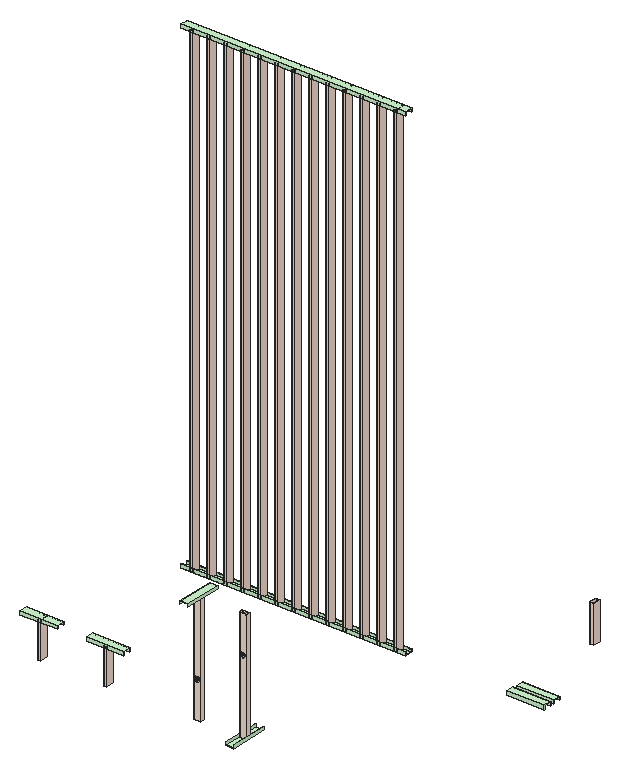
Revit family "SQ-WALL2500工法（ソリーダ）", category 機械設備, Revit 2020
Family settings
  丸型コネクタ寸法 = 直径を使用
  種別 = なし
  パーツ タイプ = 標準
  作業面ベース = いいえ
  常に垂直 = はい
  ロード時にボイドで切り取り = いいえ
  共有 = いいえ
  部屋計算ポイント = いいえ
Parameters
  製造元 = "株式会社桐井製作所"
  既定の高さ = 0 mm
  URL = "https://www.kirii.co.jp/"
  K_名称 = "SQ-WALL2500工法（ソリーダ）"
  K_バージョン情報 = "240321"
Reference planes
  plane 1 "中心(正面/背面)": y = 0
  plane 2: z = 0
  plane 3 "中心(左/右)": x = 0
  plane 4: z = 19
Lines and regions (mm)
  model lines
    curve 1: line (3467.807, 3284.555, 0) -> (5217.807, 3284.555, 0)
    curve 2: line (5217.807, 2254.555, 0) -> (3467.807, 2254.555, 0)
    curve 3: line (3467.807, 3284.555, 0) -> (3467.807, 2254.555, 0)
    curve 4: line (3467.807, 2054.555, 0) -> (5217.807, 2054.555, 0)
    curve 5: line (5217.807, 1024.555, 0) -> (3467.807, 1024.555, 0)
    curve 6: line (3467.807, 2054.555, 0) -> (3467.807, 1024.555, 0)
    curve 7: line (5217.807, 2054.555, 0) -> (5217.807, 1024.555, 0)
    curve 8: line (5217.807, 3284.555, 0) -> (5217.807, 2254.555, 0)
    curve 9: line (-432.193, -425.445, 0) -> (1307.807, -425.445, 0)
    curve 10: line (1307.807, -1455.445, 0) -> (-432.193, -1455.445, 0)
    curve 11: line (-432.193, -425.445, 0) -> (-432.193, -1455.445, 0)
    curve 12: line (5417.807, 3284.555, 0) -> (7167.807, 3284.555, 0)
    curve 13: line (7167.807, 2254.555, 0) -> (5417.807, 2254.555, 0)
    curve 14: line (5417.807, 3284.555, 0) -> (5417.807, 2254.555, 0)
    curve 15: line (7167.807, 3284.555, 0) -> (7167.807, 2254.555, 0)
    curve 16: line (5417.807, 2054.555, 0) -> (7167.807, 2054.555, 0)
    curve 17: line (7167.807, 1024.555, 0) -> (5417.807, 1024.555, 0)
    curve 18: line (5417.807, 2054.555, 0) -> (5417.807, 1024.555, 0)
    curve 19: line (7167.807, 2054.555, 0) -> (7167.807, 1024.555, 0)
    curve 20: line (1517.807, -425.445, 0) -> (3257.807, -425.445, 0)
    curve 21: line (3257.807, -1455.445, 0) -> (1517.807, -1455.445, 0)
    curve 22: line (3257.807, -425.445, 0) -> (3257.807, -1455.445, 0)
    curve 23: line (1307.807, -425.445, 0) -> (1307.807, -1455.445, 0)
    curve 24: line (1517.807, -425.445, 0) -> (1517.807, -1455.445, 0)
Text (mm)
  text "SQ-WALL2500工法(ソリーダ）\n※倉庫業法に規定されている2500N/㎡に対応した工法です。\n壁高さに応じてスタッド配置間隔が異なりますので、適切な仕様の選定をお願いします。\n（壁高さ6500mm以下の場合は227.5mm以下、壁高さ6500mmを超え7500mm以下の場合は182mm以下とする）" at (-488.376, 3497.466, 0), in view "{3D}"
  text "SQ-BAR" at (3607.293, 3147.828, 0), in view "{3D}"
  text "・SQ-BAR45100(1.2)" at (3707.619, 2965.328, 0), in view "{3D}"
  text "施工規定については、施工要領書をご確認下さい。\n●URL：SQ-WALL2500工法(ソリーダ)\nhttps://www.kirii.co.jp/download/dw/sekou/sekou_sq-wall2500.pdf" at (5357.293, -1592.172, 0), in view "{3D}"
  text "高耐力ランナー" at (3607.293, 1917.828, 0), in view "{3D}"
  text "・-105×40×2.3" at (3707.619, 1735.328, 0), in view "{3D}"
  text "・-105×50×2.3" at (3707.619, 1582.828, 0), in view "{3D}"
  text "アンカー(ご参考)" at (5557.293, 1917.828, 0), in view "{3D}"
  text "・タップスター(8×50以上)" at (5657.619, 1735.328, 0), in view "{3D}"
  text "セルフドリリングビス(ご参考)" at (5557.293, 3147.828, 0), in view "{3D}"
  text "・MBテクス　Wリード(WLR：3.5×25mm以上)" at (5657.619, 2965.328, 0), in view "{3D}"
  text "突出長さ10mm以上になるようご選定ください。" at (5457.896, 2364.62, 0), in view "{3D}"
  text "壁高さ6.5mまでは許容せん断耐力5550N以上、6.5m以上は6400N以上のものを使用し、\n打込み間隔455mm以下にて固定して下さい。" at (5457.896, 1209.62, 0), in view "{3D}"
  text "スタッドの切断" at (-292.707, -562.172, 0), in view "{3D}"
  text "スタッドは、上部ランナーとの隙間が10mm以下となるように切断する。\n※ランナーサイズが［-105×50×2.3のものを使用する際は隙間を15mm以上～20mm以下\nとなるように切断する。" at (-392.104, -1205.38, 0), in view "{3D}"
  text "スタッドの配線用貫通孔" at (1657.293, -562.172, 0), in view "{3D}"
  text "スタッドには壁内配線用の貫通孔をスタッドの上下端部から1000mm以内に各一か所ずつ\n開けることができる。現場で加工を行う際は、直径36mm以下とし、ヘリ秋寸法を30mm\n以上確保する。" at (1557.896, -1205.38, 0), in view "{3D}"
  text "ランナーが［-105×40×2.3の場合" at (-312.759, -1034.28, 0), in view "{3D}"
  text "ランナーが［-105×50×2.3の場合" at (572.241, -1034.28, 0), in view "{3D}"
Dimensions and locks
  aligned and locked: level to plane 2
Nested families
  nested 1: "高耐力ランナー105×40×2.3" at (-82.193, 1529.555, 0), type "高耐力ランナー105×40×2.3"
    with K_長さ(mm) 3000 mm
  nested 2: "SQ-BAR45100(1.2)" at (1440.307, 1527.099, 0) x (0, 1, 0) z (0, 0, 1), type "SQ-BAR45100(1.2)"
    with K_長さ(mm) 6500 mm
  nested 3: "SQ-BAR45100(1.2)" at (1212.807, 1527.099, 0) x (0, 1, 0) z (0, 0, 1), type "SQ-BAR45100(1.2)"
    with K_長さ(mm) 6500 mm
  nested 4: "SQ-BAR45100(1.2)" at (985.307, 1527.099, 0) x (0, 1, 0) z (0, 0, 1), type "SQ-BAR45100(1.2)"
    with K_長さ(mm) 6500 mm
  nested 5: "SQ-BAR45100(1.2)" at (757.807, 1527.099, 0) x (0, 1, 0) z (0, 0, 1), type "SQ-BAR45100(1.2)"
    with K_長さ(mm) 6500 mm
  nested 6: "SQ-BAR45100(1.2)" at (530.307, 1527.099, 0) x (0, 1, 0) z (0, 0, 1), type "SQ-BAR45100(1.2)"
    with K_長さ(mm) 6500 mm
  nested 7: "SQ-BAR45100(1.2)" at (302.807, 1527.099, 0) x (0, 1, 0) z (0, 0, 1), type "SQ-BAR45100(1.2)"
    with K_長さ(mm) 6500 mm
  nested 8: "SQ-BAR45100(1.2)" at (75.307, 1527.099, 0) x (0, 1, 0) z (0, 0, 1), type "SQ-BAR45100(1.2)"
    with K_長さ(mm) 6500 mm
  nested 9: "SQ-BAR45100(1.2)" at (2805.307, 1527.099, 0) x (0, 1, 0) z (0, 0, 1), type "SQ-BAR45100(1.2)"
    with K_長さ(mm) 6500 mm
  nested 10: "SQ-BAR45100(1.2)" at (2577.807, 1527.099, 0) x (0, 1, 0) z (0, 0, 1), type "SQ-BAR45100(1.2)"
    with K_長さ(mm) 6500 mm
  nested 11: "SQ-BAR45100(1.2)" at (2350.307, 1527.099, 0) x (0, 1, 0) z (0, 0, 1), type "SQ-BAR45100(1.2)"
    with K_長さ(mm) 6500 mm
  nested 12: "SQ-BAR45100(1.2)" at (2122.807, 1527.099, 0) x (0, 1, 0) z (0, 0, 1), type "SQ-BAR45100(1.2)"
    with K_長さ(mm) 6500 mm
  nested 13: "SQ-BAR45100(1.2)" at (1895.307, 1527.099, 0) x (0, 1, 0) z (0, 0, 1), type "SQ-BAR45100(1.2)"
    with K_長さ(mm) 6500 mm
  nested 14: "SQ-BAR45100(1.2)" at (1667.807, 1527.099, 0) x (0, 1, 0) z (0, 0, 1), type "SQ-BAR45100(1.2)"
    with K_長さ(mm) 6500 mm
  nested 15: "高耐力ランナー105×40×2.3" at (4267.807, 1699.555, 40) x (1, 0, 0) z (0, 0, -1), type "高耐力ランナー105×40×2.3"
    with K_長さ(mm) 500 mm
  nested 16: "SQ-BAR45100(1.2)" at (4312.807, 2927.055, 0) x (0, 1, 0) z (0, 0, 1), type "SQ-BAR45100(1.2)"
    with K_長さ(mm) 500 mm
  nested 17: "SQ-BAR45100(1.2)" at (16.422, -939.598, 0) x (0, 1, 0) z (0, 0, 1), type "SQ-BAR45100(1.2)"
    with K_長さ(mm) 490 mm
  nested 18: "SQ-BAR45100(1.2)" at (902.722, -939.598, 0) x (0, 1, 0) z (0, 0, 1), type "SQ-BAR45100(1.2)"
    with K_長さ(mm) 480 mm
  nested 19: "高耐力ランナー105×40×2.3" at (-261.078, -937.142, 500) x (1, 0, 0) z (0, 0, -1), type "高耐力ランナー105×40×2.3"
    with K_長さ(mm) 500 mm
  nested 20: "高耐力ランナー105×50×2.3" at (4267.807, 1539.555, 50) x (1, 0, 0) z (0, 0, -1), type "高耐力ランナー105×50×2.3"
    with K_長さ(mm) 500 mm
  nested 21: "高耐力ランナー105×50×2.3" at (625.222, -937.142, 500) x (1, 0, 0) z (0, 0, -1), type "高耐力ランナー105×50×2.3"
    with K_長さ(mm) 500 mm
  nested 22: "SQ-BAR45100(1.2)_貫通孔あり_" at (2699.107, -964.642, 0), type "SQ-BAR45100(1.2)_貫通孔あり_"
    with K_長さ(mm) 1500 mm
  nested 23: "SQ-BAR45100(1.2)_貫通孔あり_" at (2083.105, -962.142, 1502.3) x (-1, 0, 0) z (0, 0, -1), type "SQ-BAR45100(1.2)_貫通孔あり_"
    with K_長さ(mm) 1500 mm
  nested 24: "高耐力ランナー105×40×2.3" at (2696.607, -1189.642, 0) x (0, 1, 0) z (0, 0, 1), type "高耐力ランナー105×40×2.3"
    with K_長さ(mm) 500 mm
  nested 25: "高耐力ランナー105×40×2.3" at (2080.605, -1189.642, 1514.6) x (0, 1, 0) z (0, 0, -1), type "高耐力ランナー105×40×2.3"
    with K_長さ(mm) 500 mm
  nested 26: "高耐力ランナー105×40×2.3" at (-82.193, 1529.555, 6512.3) x (1, 0, 0) z (0, 0, -1), type "高耐力ランナー105×40×2.3"
    with K_長さ(mm) 3000 mm
Definition of nested family "高耐力ランナー105×40×2.3"
  Parameters (values of type "高耐力ランナー105×40×2.3")
    Manufacturer = "株式会社桐井製作所"
    Default Elevation = 0 mm
    URL = "https://www.kirii.co.jp/"
    K_長さ(mm) [instance] = 4000 mm
    K_外形寸法(mm) = "[-105×40×2.3"
    K_品名 = "高耐力ランナー"
    K_名称 = "ランナー"
    K_バージョン情報 = "20210714"
  Reference planes
    plane 1 "中心(正面/背面)": y = 0
    plane 2: z = 0
    plane 3 "中心(左/右)": x = 0
    plane 4: x = 4000
    plane 5: z = 40
  Forms (mm)
    Extrusion 1, solid
      sketch origin (0, -32.295, -46.342) x (0, 1, 0) y (0, 0, 1)
        loop
          line (82.295, 86.342) -> (79.995, 86.342) -> (79.995, 48.642) -> (-20.405, 48.642) -> (-20.405, 86.342) -> (-22.705, 86.342) -> (-22.705, 46.342) -> (82.295, 46.342) -> (82.295, 86.342)
      from 0 to 4000
  Dimensions and locks
    "K_長さ(mm)": plane 4 to plane 3 "中心(左/右)"
    aligned and locked: level to plane 2
    aligned and locked: plane 4 to Extrusion 1
  Automatic sketch dimensions
    Extrusion 1 sketch curve to level = 0 mm
    plane 1 "中心(正面/背面)" to Extrusion 1 sketch curve = 55 mm
    Extrusion 1 sketch curve to Extrusion 1 sketch curve = 2.3 mm  (x2)
    level to Extrusion 1 sketch curve = 2.3 mm
    Extrusion 1 sketch curve to plane 1 "中心(正面/背面)" = 47.7 mm
    Extrusion 1 sketch curve to Extrusion 1 sketch curve = 37.7 mm  (x2)
Definition of nested family "SQ-BAR45100(1.2)"
  Parameters (values of type "SQ-BAR45100(1.2)")
    Manufacturer = "株式会社桐井製作所"
    Default Elevation = 0 mm
    URL = "https://www.kirii.co.jp/"
    K_長さ(mm) [instance] = 3000 mm
    K_外形寸法(mm) = "□45×100×1.2"
    K_品名 = "SQ-BAR45100(1.2)"
    K_名称 = "スタッド"
    K_バージョン情報 = "20210714"
  Reference planes
    plane 1 "中心(正面/背面)": y = 0
    plane 2: z = 0
    plane 3 "中心(左/右)": x = 0
    plane 4: z = 3000
  Forms (mm)
    Extrusion 1, solid
      sketch origin (0, 0, 0) x (1, 0, 0) y (0, 1, 0)
        loop
          line (-50, 0) -> (50, 0) -> (50, 45) -> (-50, 45) -> (-50, 0)
        loop
          line (-48.8, 1.2) -> (48.8, 1.2) -> (48.8, 43.8) -> (-48.8, 43.8) -> (-48.8, 1.2)
      from 0 to 3000
  Dimensions and locks
    "K_長さ(mm)": plane 4 to plane 2
    aligned and locked: level to plane 2
    aligned and locked: plane 4 to Extrusion 1
  Automatic sketch dimensions
    plane 1 "中心(正面/背面)" to Extrusion 1 sketch curve = 0 mm
    Extrusion 1 sketch curve to plane 3 "中心(左/右)" = 50 mm
    Extrusion 1 sketch curve to Extrusion 1 sketch curve = 1.2 mm  (x3)
    Extrusion 1 sketch curve to plane 1 "中心(正面/背面)" = 1.2 mm
    plane 3 "中心(左/右)" to Extrusion 1 sketch curve = 48.8 mm
    Extrusion 1 sketch curve to Extrusion 1 sketch curve = 42.6 mm
Definition of nested family "高耐力ランナー105×50×2.3"
  Parameters (values of type "高耐力ランナー105×50×2.3")
    Manufacturer = "株式会社桐井製作所"
    Default Elevation = 0 mm
    URL = "https://www.kirii.co.jp/"
    K_長さ(mm) [instance] = 4000 mm
    K_外形寸法(mm) = "[-105×50×2.3"
    K_品名 = "高耐力ランナー"
    K_名称 = "ランナー"
    K_バージョン情報 = "20210714"
  Reference planes
    plane 1 "中心(正面/背面)": y = 0
    plane 2: z = 0
    plane 3 "中心(左/右)": x = 0
    plane 4: x = 4000
    plane 5: z = 50
  Forms (mm)
    Extrusion 1, solid
      sketch origin (0, -32.295, -46.342) x (0, 1, 0) y (0, 0, 1)
        loop
          line (82.295, 96.342) -> (79.995, 96.342) -> (79.995, 48.642) -> (-20.405, 48.642) -> (-20.405, 96.342) -> (-22.705, 96.342) -> (-22.705, 46.342) -> (82.295, 46.342) -> (82.295, 96.342)
      from 0 to 4000
  Dimensions and locks
    "K_長さ(mm)": plane 4 to plane 3 "中心(左/右)"
    aligned and locked: level to plane 2
    aligned and locked: plane 4 to Extrusion 1
  Automatic sketch dimensions
    Extrusion 1 sketch curve to level = 0 mm
    plane 1 "中心(正面/背面)" to Extrusion 1 sketch curve = 55 mm
    Extrusion 1 sketch curve to Extrusion 1 sketch curve = 2.3 mm  (x2)
    level to Extrusion 1 sketch curve = 2.3 mm
    Extrusion 1 sketch curve to plane 1 "中心(正面/背面)" = 47.7 mm
    Extrusion 1 sketch curve to Extrusion 1 sketch curve = 47.7 mm  (x2)
Definition of nested family "SQ-BAR45100(1.2)_貫通孔あり_"
  Parameters (values of type "SQ-BAR45100(1.2)_貫通孔あり_")
    Manufacturer = "株式会社桐井製作所"
    Default Elevation = 0 mm
    URL = "https://www.kirii.co.jp/"
    K_長さ(mm) [instance] = 3000 mm
    K_外形寸法(mm) = "□45×100×1.2"
    K_品名 = "SQ-BAR45100(1.2)"
    K_名称 = "スタッド"
    K_バージョン情報 = "20210714"
  Reference planes
    plane 1 "中心(正面/背面)": y = 0
    plane 2: z = 0
    plane 3 "中心(左/右)": x = 0
    plane 4: z = 3000
  Forms (mm)
    Extrusion 1, solid
      sketch origin (0, 0, 0) x (1, 0, 0) y (0, 1, 0)
        loop
          line (-50, 0) -> (50, 0) -> (50, 45) -> (-50, 45) -> (-50, 0)
        loop
          line (-48.8, 1.2) -> (48.8, 1.2) -> (48.8, 43.8) -> (-48.8, 43.8) -> (-48.8, 1.2)
      from 0 to 3000
    Extrusion 2, void
      sketch origin (0, 0, 21.41) x (1, 0, 0) y (0, 0, 1)
        loop
          circle (0.737, 978.924) r 36
      from -45 to 0
  Cuts and joins
    Extrusion 2 cuts Extrusion 1
  Dimensions and locks
    "K_長さ(mm)": plane 4 to plane 2
    aligned and locked: level to plane 2
    aligned and locked: plane 4 to Extrusion 1
  Automatic sketch dimensions
    plane 1 "中心(正面/背面)" to Extrusion 1 sketch curve = 0 mm
    Extrusion 1 sketch curve to plane 3 "中心(左/右)" = 50 mm
    Extrusion 1 sketch curve to Extrusion 1 sketch curve = 1.2 mm  (x3)
    Extrusion 1 sketch curve to plane 1 "中心(正面/背面)" = 1.2 mm
    plane 3 "中心(左/右)" to Extrusion 1 sketch curve = 48.8 mm
    Extrusion 1 sketch curve to Extrusion 1 sketch curve = 42.6 mm
    plane 3 "中心(左/右)" to Extrusion 2 sketch curve = 0.737 mm
    level to Extrusion 2 sketch curve = 1000.334 mm
    radius of Extrusion 2 sketch curve = 36 mm
